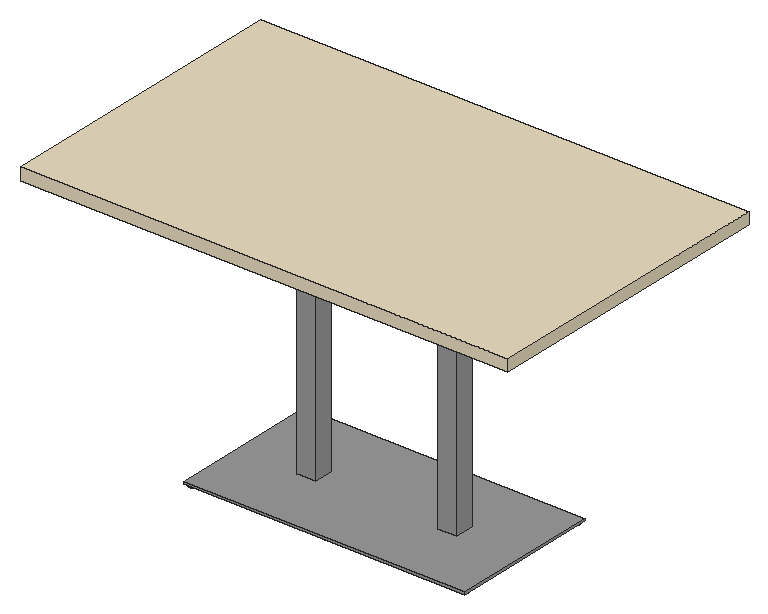
Revit family "FU_Table_Sandler_596Q-XT", category Furniture, Revit 2020
Family settings
  OmniClass Number = 23.40.20.00
  OmniClass Title = General Furniture and Specialties
  Work Plane-Based = No
  Always vertical = Yes
  Cut with Voids When Loaded = No
  Shared = No
  Room Calculation Point = No
Parameters (values of type "596Q-MT - 32x51" Top (80x130cm)")
  Width = 750 mm
  URL = "https://www.sandlerseating.com/product/596q-mt/"
  Top Size = FU_TableTops_MT Sqr : 32x52" Top (80x130cm)
  Top Finish [instance] = Wood - Beech - Honey Stained
  Model = "596Q-MT"
  Manufacturer = "Sandler"
  Height = 720 mm
  Frame Finish [instance] = Metal - Steel - Polished
  Elevation = Height  # 720 mm
  Description = "Double column table base in stainless steel."
  Depth = 400 mm
  Default Elevation = 0 mm
Types (4, lengths in mm): name | Top Size | Frame Finish
  596Q-MT - 28x48" Top (70x120cm) | FU_TableTops_MT Sqr : 28x48" Top (70x120cm) | Metal - Steel - Polished
  596Q-MT - 28x51" Top (70x130cm) | FU_TableTops_MT Sqr : 28x52" Top (70x130cm) | Metal - Steel - Matt-Satin
  596Q-MT - 32x48" Top (80x120cm) | FU_TableTops_MT Sqr : 32x48" Top (80x120cm) | Metal - Steel - Polished
  596Q-MT - 32x51" Top (80x130cm) | FU_TableTops_MT Sqr : 32x52" Top (80x130cm) | Metal - Steel - Polished
Reference planes
  plane 1 "Center (Front/Back)": y = 0
  plane 2: z = 0
  plane 3 "Center (Left/Right)": x = 0
  plane 4 "Right": x = -375
  plane 5 "Left": x = 375
  plane 6 "Back": y = 200
  plane 7 "Front": y = -200
  plane 8 "Height": z = 720
  plane 9 "Glide height": z = 4
  plane 10 "LG H": y = 185.83
  plane 11: x = -360.83
  plane 12: x = -187.5
Forms (mm)
  Extrusion 1, solid, material "Metal - Steel - Polished" <- "Frame Finish"
    sketch origin (0, 0, 4) x (-1, 0, 0) y (0, -1, 0)
      loop
        line (375, -200) -> (375, 200) -> (-375, 200) -> (-375, -200) -> (375, -200)
    from 0 to 6
  Revolve 2, solid, material "Rubber, Black"
    sketch origin (0, 185.83, 0) x (-1, 0, 0) y (0, 0, 1)
      loop
        line (372.33, 4) -> (360.83, 4) -> (360.83, 0) -> (370.33, 0)
        arc (370.33, 0) -> (371.744, 0.586) -> (372.33, 2) r 2
        line (372.33, 2) -> (372.33, 4)
      axis (360.83, 4) -> (360.83, 0)
    angle from 0 to 360
  Revolve 3, solid, material "Rubber, Black"
    sketch origin (0, 185.83, 0) x (1, 0, 0) y (0, 0, 1)
      loop
        line (372.33, 4) -> (362.33, 4) -> (362.33, 0) -> (370.33, 0)
        arc (370.33, 0) -> (371.744, 0.586) -> (372.33, 2) r 2
        line (372.33, 2) -> (372.33, 4)
      axis (362.33, 4) -> (362.33, 0)
    angle from 0 to 360
  Revolve 4, solid, material "Rubber, Black"
    sketch origin (0, -185.83, 0) x (-1, 0, 0) y (0, 0, -1)
      loop
        line (372.33, -4) -> (372.33, -2)
        arc (372.33, -2) -> (371.744, -0.586) -> (370.33, 0) r 2
        line (370.33, 0) -> (360.83, 0) -> (360.83, -4) -> (372.33, -4)
      axis (360.83, -4) -> (360.83, 0)
    angle from 0 to 360
  Revolve 5, solid, material "Rubber, Black"
    sketch origin (0, -185.83, 0) x (1, 0, 0) y (0, 0, 1)
      loop
        line (372.33, 4) -> (362.33, 4) -> (362.33, 0) -> (370.33, 0)
        arc (370.33, 0) -> (371.744, 0.586) -> (372.33, 2) r 2
        line (372.33, 2) -> (372.33, 4)
      axis (362.33, 4) -> (362.33, 0)
    angle from 0 to 360
  Revolve 6, solid, material "Rubber, Black"
    sketch origin (-360.83, 185.83, 0) x (1, 0, 0) y (0, 0, 1)
      loop
        line (370.83, 4) -> (360.83, 4) -> (360.83, 0) -> (368.83, 0)
        arc (368.83, 0) -> (370.244, 0.586) -> (370.83, 2) r 2
        line (370.83, 2) -> (370.83, 4)
      axis (360.83, 4) -> (360.83, 0)
    angle from 0 to 360
  Revolve 7, solid, material "Rubber, Black"
    sketch origin (-360.83, -185.83, 0) x (1, 0, 0) y (0, 0, 1)
      loop
        line (370.83, 4) -> (360.83, 4) -> (360.83, 0) -> (368.83, 0)
        arc (368.83, 0) -> (370.244, 0.586) -> (370.83, 2) r 2
        line (370.83, 2) -> (370.83, 4)
      axis (360.83, 4) -> (360.83, 0)
    angle from 0 to 360
  Extrusion 8, solid, material "Metal - Steel - Polished" <- "Frame Finish"
    sketch origin (0, 0, 4) x (-1, 0, 0) y (0, -1, 0)
      loop
        line (212.5, -25) -> (212.5, 25) -> (162.5, 25) -> (162.5, -25) -> (212.5, -25)
    from 6 to 716
  Extrusion 9, solid, material "Metal - Steel - Polished" <- "Frame Finish"
    sketch origin (0, 0, 4) x (1, 0, 0) y (0, 1, 0)
      loop
        line (212.5, 25) -> (162.5, 25) -> (162.5, -25) -> (212.5, -25) -> (212.5, 25)
    from 6 to 716
  Extrusion 10, solid, material "Metal - Steel - Polished" <- "Frame Finish"
    sketch origin (0, 0, 720) x (-1, 0, 0) y (0, -1, 0)
      loop
        line (235.5, 44.024) -> (307.236, 117.26)
        arc (307.236, 117.26) -> (304.417, 120.065) -> (301.532, 122.802) r 167.789
        line (301.532, 122.802) -> (227.879, 47.718) -> (147.12, 47.718) -> (73.468, 122.802)
        arc (73.468, 122.802) -> (70.583, 120.065) -> (67.764, 117.26) r 167.789
        line (67.764, 117.26) -> (139.5, 44.024) -> (139.5, -44.024) -> (67.486, -116.038)
        arc (67.486, -116.038) -> (70.298, -118.884) -> (73.177, -121.661) r 166.741
        line (73.177, -121.661) -> (146.556, -48.282) -> (228.444, -48.282) -> (301.823, -121.661)
        arc (301.823, -121.661) -> (304.702, -118.884) -> (307.514, -116.038) r 166.741
        line (307.514, -116.038) -> (235.5, -44.024) -> (235.5, 44.024)
    from -5.84 to -20
  Extrusion 11, solid, material "Metal - Steel - Polished" <- "Frame Finish"
    sketch origin (0, 0, 720) x (-1, 0, 0) y (0, -1, 0)
      loop
        arc (235.5, 9.198) -> (237.694, 20.46) -> (243.955, 30.074) r 30
        line (243.955, 30.074) -> (342.527, 133.309)
        arc (342.527, 133.309) -> (344.782, 138.939) -> (342.439, 144.533) r 8
        line (342.439, 144.533) -> (329.622, 157.35)
        arc (329.622, 157.35) -> (323.965, 159.693) -> (318.308, 157.35) r 8
        line (318.308, 157.35) -> (219.527, 57.069)
        arc (219.527, 57.069) -> (209.794, 50.566) -> (198.314, 48.282) r 30
        line (198.314, 48.282) -> (176.686, 48.282)
        arc (176.686, 48.282) -> (165.206, 50.566) -> (155.473, 57.069) r 30
        line (155.473, 57.069) -> (56.692, 157.35)
        arc (56.692, 157.35) -> (51.035, 159.693) -> (45.378, 157.35) r 8
        line (45.378, 157.35) -> (32.561, 144.533)
        arc (32.561, 144.533) -> (30.218, 138.939) -> (32.473, 133.309) r 8
        line (32.473, 133.309) -> (131.045, 30.074)
        arc (131.045, 30.074) -> (137.306, 20.46) -> (139.5, 9.198) r 30
        line (139.5, 9.198) -> (139.5, -9.198)
        arc (139.5, -9.198) -> (137.306, -20.46) -> (131.045, -30.074) r 30
        line (131.045, -30.074) -> (32.473, -131.809)
        arc (32.473, -131.809) -> (30.218, -137.439) -> (32.561, -143.033) r 8
        line (32.561, -143.033) -> (45.378, -155.85)
        arc (45.378, -155.85) -> (51.035, -158.193) -> (56.692, -155.85) r 8
        line (56.692, -155.85) -> (155.473, -57.069)
        arc (155.473, -57.069) -> (165.206, -50.566) -> (176.686, -48.282) r 30
        line (176.686, -48.282) -> (198.314, -48.282)
        arc (198.314, -48.282) -> (209.794, -50.566) -> (219.527, -57.069) r 30
        line (219.527, -57.069) -> (318.308, -155.85)
        arc (318.308, -155.85) -> (323.965, -158.193) -> (329.622, -155.85) r 8
        line (329.622, -155.85) -> (342.439, -143.033)
        arc (342.439, -143.033) -> (344.782, -137.439) -> (342.527, -131.809) r 8
        line (342.527, -131.809) -> (243.955, -30.074)
        arc (243.955, -30.074) -> (237.694, -20.46) -> (235.5, -9.198) r 30
        line (235.5, -9.198) -> (235.5, 9.198)
      loop
        line (53.101, -141.055) -> (62.998, -131.158)
        arc (62.998, -131.158) -> (62.998, -125.502) -> (57.342, -125.502) r 3.999
        line (57.342, -125.502) -> (47.445, -135.399)
        arc (47.445, -135.399) -> (47.5, -141.001) -> (53.101, -141.055) r 4
      loop
        arc (321.899, -141.055) -> (327.5, -141.001) -> (327.555, -135.399) r 4
        line (327.555, -135.399) -> (317.658, -125.502)
        arc (317.658, -125.502) -> (312.002, -125.502) -> (312.002, -131.158) r 3.999
        line (312.002, -131.158) -> (321.899, -141.055)
      loop
        arc (53.101, 142.555) -> (47.5, 142.501) -> (47.445, 136.899) r 4
        line (47.445, 136.899) -> (57.342, 127.002)
        arc (57.342, 127.002) -> (62.998, 127.002) -> (62.998, 132.658) r 3.999
        line (62.998, 132.658) -> (53.101, 142.555)
      loop
        line (321.899, 142.555) -> (312.002, 132.658)
        arc (312.002, 132.658) -> (312.002, 127.002) -> (317.658, 127.002) r 3.999
        line (317.658, 127.002) -> (327.555, 136.899)
        arc (327.555, 136.899) -> (327.5, 142.501) -> (321.899, 142.555) r 4
      loop
        circle (187.5, 0) r 7.5
    from -9.84 to 0
  Extrusion 12, solid, material "Metal - Steel - Polished" <- "Frame Finish"
    sketch origin (0, 0, 720) x (1, 0, 0) y (0, 1, 0)
      loop
        line (235.5, -44.024) -> (235.5, 44.024) -> (309.014, 116.038)
        arc (309.014, 116.038) -> (306.203, 118.919) -> (303.323, 121.732) r 167.824
        line (303.323, 121.732) -> (228.444, 48.282) -> (146.556, 48.282) -> (73.177, 121.661)
        arc (73.177, 121.661) -> (70.298, 118.884) -> (67.486, 116.038) r 166.741
        line (67.486, 116.038) -> (139.5, 44.024) -> (139.5, -44.024) -> (67.764, -117.26)
        arc (67.764, -117.26) -> (70.583, -120.065) -> (73.468, -122.802) r 167.789
        line (73.468, -122.802) -> (147.12, -47.718) -> (227.879, -47.718) -> (303.032, -122.871)
        arc (303.032, -122.871) -> (305.917, -120.1) -> (308.736, -117.26) r 168.862
        line (308.736, -117.26) -> (235.5, -44.024)
    from -5.84 to -20
  Extrusion 13, solid, material "Metal - Steel - Polished" <- "Frame Finish"
    sketch origin (0, 0, 720) x (1, 0, 0) y (0, 1, 0)
      loop
        line (235.5, -9.198) -> (235.5, 9.198)
        arc (235.5, 9.198) -> (237.694, 20.46) -> (243.955, 30.074) r 30
        line (243.955, 30.074) -> (344.027, 131.809)
        arc (344.027, 131.809) -> (346.282, 137.439) -> (343.939, 143.033) r 8
        line (343.939, 143.033) -> (331.122, 155.85)
        arc (331.122, 155.85) -> (325.465, 158.193) -> (319.808, 155.85) r 8
        line (319.808, 155.85) -> (219.527, 57.069)
        arc (219.527, 57.069) -> (209.794, 50.566) -> (198.314, 48.282) r 30
        line (198.314, 48.282) -> (176.686, 48.282)
        arc (176.686, 48.282) -> (165.206, 50.566) -> (155.473, 57.069) r 30
        line (155.473, 57.069) -> (56.692, 155.85)
        arc (56.692, 155.85) -> (51.035, 158.193) -> (45.378, 155.85) r 8
        line (45.378, 155.85) -> (32.561, 143.033)
        arc (32.561, 143.033) -> (30.218, 137.439) -> (32.473, 131.809) r 8
        line (32.473, 131.809) -> (131.045, 30.074)
        arc (131.045, 30.074) -> (137.306, 20.46) -> (139.5, 9.198) r 30
        line (139.5, 9.198) -> (139.5, -9.198)
        arc (139.5, -9.198) -> (137.306, -20.46) -> (131.045, -30.074) r 30
        line (131.045, -30.074) -> (32.473, -133.309)
        arc (32.473, -133.309) -> (30.218, -138.939) -> (32.561, -144.533) r 8
        line (32.561, -144.533) -> (45.378, -157.35)
        arc (45.378, -157.35) -> (51.035, -159.693) -> (56.692, -157.35) r 8
        line (56.692, -157.35) -> (155.473, -57.069)
        arc (155.473, -57.069) -> (165.206, -50.566) -> (176.686, -48.282) r 30
        line (176.686, -48.282) -> (198.314, -48.282)
        arc (198.314, -48.282) -> (209.794, -50.566) -> (219.527, -57.069) r 30
        line (219.527, -57.069) -> (319.808, -157.35)
        arc (319.808, -157.35) -> (325.465, -159.693) -> (331.122, -157.35) r 8
        line (331.122, -157.35) -> (343.939, -144.533)
        arc (343.939, -144.533) -> (346.282, -138.939) -> (344.027, -133.309) r 8
        line (344.027, -133.309) -> (243.955, -30.074)
        arc (243.955, -30.074) -> (237.694, -20.46) -> (235.5, -9.198) r 30
      loop
        arc (53.101, 141.055) -> (47.5, 141.001) -> (47.445, 135.399) r 4
        line (47.445, 135.399) -> (57.342, 125.502)
        arc (57.342, 125.502) -> (62.998, 125.502) -> (62.998, 131.158) r 3.999
        line (62.998, 131.158) -> (53.101, 141.055)
      loop
        line (323.399, 141.055) -> (313.502, 131.158)
        arc (313.502, 131.158) -> (313.502, 125.502) -> (319.158, 125.502) r 3.999
        line (319.158, 125.502) -> (329.055, 135.399)
        arc (329.055, 135.399) -> (329, 141.001) -> (323.399, 141.055) r 4
      loop
        line (53.101, -142.555) -> (62.998, -132.658)
        arc (62.998, -132.658) -> (62.998, -127.002) -> (57.342, -127.002) r 3.999
        line (57.342, -127.002) -> (47.445, -136.899)
        arc (47.445, -136.899) -> (47.5, -142.501) -> (53.101, -142.555) r 4
      loop
        arc (323.399, -142.555) -> (329, -142.501) -> (329.055, -136.899) r 4
        line (329.055, -136.899) -> (319.158, -127.002)
        arc (319.158, -127.002) -> (313.502, -127.002) -> (313.502, -132.658) r 3.999
        line (313.502, -132.658) -> (323.399, -142.555)
      loop
        circle (187.5, 0) r 7.5
    from -9.84 to 0
Cuts and joins
  joined: Extrusion 1, Extrusion 8, Extrusion 9, Extrusion 10, Extrusion 11, Extrusion 12, Extrusion 13
Dimensions and locks
  equal spacing: plane 4 "Right", plane 3 "Center (Left/Right)", plane 5 "Left"
  "Width": plane 4 "Right" to plane 5 "Left"
  equal spacing: plane 6 "Back", plane 1 "Center (Front/Back)", plane 7 "Front"
  "Depth": plane 6 "Back" to plane 7 "Front"
  "Height": plane 8 "Height" to level
  plane 9 "Glide height" to level = 4 mm
  aligned and locked: level to plane 2
  aligned and locked: plane 8 "Height" to cut or joined group of Extrusion 1, Extrusion 8, Extrusion 9, Extrusion 10, Extrusion 11, Extrusion 12, Extrusion 13  (x2)
Automatic sketch dimensions
  Extrusion 1 sketch curve to plane 5 "Left" = 0 mm
  Extrusion 1 sketch curve to plane 4 "Right" = 0 mm
  Extrusion 1 sketch curve to plane 6 "Back" = 0 mm
  Extrusion 1 sketch curve to plane 7 "Front" = 0 mm
  Revolve 2 sketch curve to plane 9 "Glide height" = 0 mm  (x2)
  plane 11 to Revolve 2 sketch curve = 0 mm  (x2)
  Revolve 2 sketch curve to level = 0 mm
  level to Revolve 2 sketch curve = 2 mm
  Revolve 2 sketch curve to plane 4 "Right" = 4.67 mm
  Revolve 2 sketch curve to level = 1.303 mm
  Revolve 3 sketch curve to plane 9 "Glide height" = 0 mm  (x2)
  Revolve 3 sketch curve to level = 0 mm
  Revolve 3 sketch curve to plane 5 "Left" = 12.67 mm
  Revolve 3 sketch curve to level = 2 mm
  Revolve 3 sketch curve to plane 5 "Left" = 4.67 mm
  Revolve 3 sketch curve to Revolve 3 sketch curve = 0 mm
  Revolve 3 sketch curve to Revolve 3 sketch curve = 1.303 mm
  Revolve 4 sketch curve to plane 9 "Glide height" = 0 mm  (x2)
  plane 11 to Revolve 4 sketch curve = 0 mm  (x2)
  Revolve 4 sketch curve to level = 0 mm
  level to Revolve 4 sketch curve = 2 mm
  Revolve 4 sketch curve to plane 4 "Right" = 4.67 mm
  Revolve 4 sketch curve to level = 1.303 mm
  Revolve 5 sketch curve to plane 9 "Glide height" = 0 mm  (x2)
  Revolve 5 sketch curve to level = 0 mm
  plane 5 "Left" to Revolve 5 sketch curve = 12.67 mm
  level to Revolve 5 sketch curve = 2 mm
  plane 5 "Left" to Revolve 5 sketch curve = 4.67 mm
  Revolve 5 sketch curve to Revolve 5 sketch curve = 0 mm
  Revolve 5 sketch curve to Revolve 5 sketch curve = 1.303 mm
  Revolve 6 sketch curve to plane 9 "Glide height" = 0 mm  (x2)
  Revolve 6 sketch curve to level = 0 mm
  plane 3 "Center (Left/Right)" to Revolve 6 sketch curve = 0 mm
  Revolve 6 sketch curve to level = 2 mm
  Revolve 6 sketch curve to plane 3 "Center (Left/Right)" = 8 mm
  Revolve 6 sketch curve to Revolve 6 sketch curve = 0 mm
  Revolve 6 sketch curve to Revolve 6 sketch curve = 1.303 mm
  Revolve 7 sketch curve to plane 9 "Glide height" = 0 mm  (x2)
  Revolve 7 sketch curve to level = 0 mm
  Revolve 7 sketch curve to plane 3 "Center (Left/Right)" = 0 mm
  level to Revolve 7 sketch curve = 2 mm
  plane 3 "Center (Left/Right)" to Revolve 7 sketch curve = 8 mm
  Revolve 7 sketch curve to Revolve 7 sketch curve = 0 mm
  Revolve 7 sketch curve to Revolve 7 sketch curve = 1.303 mm
  Extrusion 8 sketch curve to plane 12 = 25 mm
  Extrusion 8 sketch curve to plane 1 "Center (Front/Back)" = 25 mm
  plane 1 "Center (Front/Back)" to Extrusion 9 sketch curve = 25 mm
  Extrusion 9 sketch curve to plane 3 "Center (Left/Right)" = 162.5 mm
  Extrusion 10 sketch curve to Extrusion 10 sketch curve = 0 mm  (x12)
  Extrusion 10 sketch curve to plane 12 = 0 mm
  Extrusion 10 sketch curve to plane 12 = 40.38 mm
  Extrusion 10 sketch curve to plane 12 = 40.944 mm
  Extrusion 10 sketch curve to Extrusion 10 sketch curve = 7.056 mm  (x2)
  Extrusion 10 sketch curve to plane 3 "Center (Left/Right)" = 73.468 mm
  Extrusion 10 sketch curve to plane 3 "Center (Left/Right)" = 73.177 mm
  Extrusion 10 sketch curve to Extrusion 10 sketch curve = 5.704 mm  (x2)
  Extrusion 10 sketch curve to Extrusion 10 sketch curve = 5.691 mm  (x2)
  plane 12 to Extrusion 10 sketch curve = 40.38 mm
  plane 12 to Extrusion 10 sketch curve = 40.944 mm
  Extrusion 10 sketch curve to plane 11 = 59.298 mm
  Extrusion 10 sketch curve to plane 11 = 59.007 mm
  Extrusion 10 sketch curve to plane 10 "LG H" = 64.169 mm  (x2)
  Extrusion 10 sketch curve to Extrusion 10 sketch curve = 5.623 mm
  Extrusion 10 sketch curve to plane 1 "Center (Front/Back)" = 48.282 mm
  Extrusion 10 sketch curve to Extrusion 10 sketch curve = 4.258 mm  (x2)
  plane 1 "Center (Front/Back)" to Extrusion 10 sketch curve = 44.024 mm  (x2)
  Extrusion 10 sketch curve to Extrusion 10 sketch curve = 3.693 mm
  plane 7 "Front" to Extrusion 10 sketch curve = 82.74 mm  (x2)
  plane 1 "Center (Front/Back)" to Extrusion 11 sketch curve = 0 mm
  Extrusion 11 sketch curve to plane 12 = 0 mm
  Extrusion 11 sketch curve to plane 12 = 10.814 mm  (x2)
  Extrusion 11 sketch curve to Extrusion 11 sketch curve = 21.213 mm  (x5)
  plane 1 "Center (Front/Back)" to Extrusion 11 sketch curve = 9.198 mm  (x2)
  Extrusion 11 sketch curve to plane 12 = 48 mm
  Extrusion 11 sketch curve to plane 1 "Center (Front/Back)" = 30.074 mm  (x2)
  Extrusion 11 sketch curve to Extrusion 11 sketch curve = 8.455 mm  (x4)
  plane 1 "Center (Front/Back)" to Extrusion 11 sketch curve = 30.074 mm  (x2)
  Extrusion 11 sketch curve to plane 1 "Center (Front/Back)" = 9.198 mm  (x2)
  Extrusion 11 sketch curve to plane 3 "Center (Left/Right)" = 62.998 mm  (x2)
  Extrusion 11 sketch curve to Extrusion 11 sketch curve = 2.828 mm  (x12)
  Extrusion 11 sketch curve to Extrusion 11 sketch curve = 6.306 mm  (x4)
  Extrusion 11 sketch curve to Extrusion 11 sketch curve = 9.897 mm  (x8)
  Extrusion 11 sketch curve to Extrusion 11 sketch curve = 5.657 mm  (x18)
  Extrusion 11 sketch curve to Extrusion 11 sketch curve = 2.773 mm  (x6)
  Extrusion 11 sketch curve to Extrusion 11 sketch curve = 2.883 mm  (x6)
  Extrusion 11 sketch curve to plane 10 "LG H" = 29.98 mm  (x2)
  Extrusion 11 sketch curve to Extrusion 11 sketch curve = 9.227 mm  (x4)
  Extrusion 11 sketch curve to Extrusion 11 sketch curve = 5.745 mm  (x4)
  plane 12 to Extrusion 11 sketch curve = 10.814 mm  (x2)
  plane 12 to Extrusion 11 sketch curve = 48 mm
  Extrusion 11 sketch curve to plane 11 = 48.828 mm  (x2)
  Extrusion 11 sketch curve to Extrusion 11 sketch curve = 12.817 mm  (x2)
  Extrusion 11 sketch curve to Extrusion 11 sketch curve = 9.138 mm  (x4)
  Extrusion 11 sketch curve to Extrusion 11 sketch curve = 48.208 mm
  Extrusion 11 sketch curve to Extrusion 11 sketch curve = 0 mm
  plane 1 "Center (Front/Back)" to Extrusion 11 sketch curve = 48.282 mm
  Extrusion 11 sketch curve to Extrusion 11 sketch curve = 8.787 mm  (x2)
  plane 7 "Front" to Extrusion 11 sketch curve = 72.998 mm  (x2)
  Extrusion 11 sketch curve to Extrusion 11 sketch curve = 6.307 mm  (x2)
  Extrusion 11 sketch curve to Extrusion 11 sketch curve = 5.567 mm  (x2)
  Extrusion 12 sketch curve to Extrusion 12 sketch curve = 0 mm  (x12)
  Extrusion 12 sketch curve to plane 3 "Center (Left/Right)" = 67.486 mm
  Extrusion 12 sketch curve to plane 3 "Center (Left/Right)" = 67.764 mm
  Extrusion 12 sketch curve to Extrusion 12 sketch curve = 5.691 mm  (x2)
  Extrusion 12 sketch curve to Extrusion 12 sketch curve = 5.704 mm  (x2)
  plane 1 "Center (Front/Back)" to Extrusion 12 sketch curve = 44.024 mm  (x2)
  Extrusion 12 sketch curve to Extrusion 12 sketch curve = 72.014 mm
  plane 1 "Center (Front/Back)" to Extrusion 12 sketch curve = 48.282 mm
  Extrusion 12 sketch curve to Extrusion 12 sketch curve = 7.056 mm  (x2)
  Extrusion 12 sketch curve to plane 1 "Center (Front/Back)" = 47.718 mm
  Extrusion 12 sketch curve to Extrusion 12 sketch curve = 7.62 mm
  plane 1 "Center (Front/Back)" to Extrusion 12 sketch curve = 0.282 mm
  Extrusion 12 sketch curve to Extrusion 12 sketch curve = 40.38 mm  (x2)
  Extrusion 12 sketch curve to Extrusion 12 sketch curve = 40.944 mm
  Extrusion 12 sketch curve to plane 5 "Left" = 71.968 mm
  Extrusion 12 sketch curve to plane 5 "Left" = 71.677 mm
  plane 10 "LG H" to Extrusion 12 sketch curve = 69.792 mm  (x2)
  Extrusion 12 sketch curve to Extrusion 12 sketch curve = 3.693 mm  (x2)
  Extrusion 12 sketch curve to plane 7 "Front" = 82.74 mm  (x2)
  plane 1 "Center (Front/Back)" to Extrusion 13 sketch curve = 0 mm
  Extrusion 13 sketch curve to plane 3 "Center (Left/Right)" = 32.473 mm  (x2)
  Extrusion 13 sketch curve to Extrusion 13 sketch curve = 0.089 mm  (x2)
  Extrusion 13 sketch curve to Extrusion 13 sketch curve = 5.745 mm  (x4)
  Extrusion 13 sketch curve to Extrusion 13 sketch curve = 12.817 mm  (x4)
  Extrusion 13 sketch curve to Extrusion 13 sketch curve = 9.227 mm  (x4)
  Extrusion 13 sketch curve to Extrusion 13 sketch curve = 2.883 mm  (x6)
  Extrusion 13 sketch curve to Extrusion 13 sketch curve = 5.657 mm  (x16)
  Extrusion 13 sketch curve to Extrusion 13 sketch curve = 2.773 mm  (x6)
  plane 10 "LG H" to Extrusion 13 sketch curve = 29.98 mm  (x2)
  Extrusion 13 sketch curve to Extrusion 13 sketch curve = 9.897 mm  (x8)
  Extrusion 13 sketch curve to Extrusion 13 sketch curve = 2.828 mm  (x12)
  plane 1 "Center (Front/Back)" to Extrusion 13 sketch curve = 9.198 mm  (x2)
  Extrusion 13 sketch curve to plane 3 "Center (Left/Right)" = 109.5 mm
  Extrusion 13 sketch curve to Extrusion 13 sketch curve = 0 mm
  Extrusion 13 sketch curve to plane 1 "Center (Front/Back)" = 30.074 mm  (x2)
  Extrusion 13 sketch curve to Extrusion 13 sketch curve = 21.545 mm  (x2)
  plane 1 "Center (Front/Back)" to Extrusion 13 sketch curve = 30.074 mm  (x2)
  Extrusion 13 sketch curve to plane 1 "Center (Front/Back)" = 57.069 mm  (x2)
  Extrusion 13 sketch curve to Extrusion 13 sketch curve = 24.427 mm  (x2)
  plane 1 "Center (Front/Back)" to Extrusion 13 sketch curve = 57.069 mm  (x2)
  Extrusion 13 sketch curve to Extrusion 13 sketch curve = 21.213 mm  (x5)
  Extrusion 13 sketch curve to Extrusion 13 sketch curve = 48 mm  (x2)
  Extrusion 13 sketch curve to Extrusion 13 sketch curve = 21.628 mm  (x2)
  Extrusion 13 sketch curve to plane 1 "Center (Front/Back)" = 9.198 mm
  Extrusion 13 sketch curve to Extrusion 13 sketch curve = 8.455 mm  (x2)
  Extrusion 13 sketch curve to plane 5 "Left" = 61.498 mm  (x2)
  Extrusion 13 sketch curve to Extrusion 13 sketch curve = 6.306 mm  (x2)
  Extrusion 13 sketch curve to Extrusion 13 sketch curve = 9.138 mm  (x4)
  Extrusion 13 sketch curve to Extrusion 13 sketch curve = 8.787 mm
  Extrusion 13 sketch curve to plane 7 "Front" = 72.998 mm  (x2)
  Extrusion 13 sketch curve to Extrusion 13 sketch curve = 6.307 mm  (x2)
  Extrusion 13 sketch curve to Extrusion 13 sketch curve = 5.567 mm  (x2)
  plane 12 to Extrusion 8 sketch curve = 25 mm
  plane 1 "Center (Front/Back)" to Extrusion 8 sketch curve = 25 mm
  Extrusion 9 sketch curve to Extrusion 9 sketch curve = 50 mm
  Extrusion 9 sketch curve to plane 1 "Center (Front/Back)" = 25 mm
  radius of Extrusion 11 sketch curve = 7.5 mm
  radius of Extrusion 13 sketch curve = 7.5 mm
Nested families
  nested 1: "FU_TableTops_MT Sqr" at (0, 0, 0), Top Elevation <- "Elevation", Top Finish <- "Top Finish", type <- "Top Size", type "32x52" Top (80x130cm)"
    with Top Finish Wood - Beech - Honey Stained, Top Elevation 720 mm
Definition of nested family "FU_TableTops_MT Sqr"
  Parameters (values of type "24x48" Top (60x120cm)")
    Width = 1200 mm
    Top Finish [instance] = none
    Top Elevation [instance] = 1100 mm
    Depth = 600 mm
    Default Elevation = 0 mm
  Types (16, lengths in mm): name | Width | Depth
    28x48" Top (70x120cm) | 1200 | 700
    28x52" Top (70x130cm) | 1300 | 700
    32x48" Top (80x120cm) | 1200 | 800
    32x52" Top (80x130cm) | 1300 | 800
    28x55" Top (70x140cm) | 1400 | 700
    32x55" Top (80x140cm) | 1400 | 800
    24" Square (60cm) | 600 | 600
    28" Square (70cm) | 700 | 700
    32" Square (80cm) | 800 | 800
    36" Square (90cm) | 900 | 900
    40" Square (100cm) | 1000 | 1000
    44" Square (110cm) | 1100 | 1100
    28x44" Top (70x110cm) | 1100 | 700
    24x40" Top (60x100cm) | 1000 | 600
    24x44" Top (60x110cm) | 1100 | 600
    24x48" Top (60x120cm) | 1200 | 600
  Reference planes
    plane 1 "Center (Front/Back)": y = 0
    plane 2: z = 0
    plane 3 "Center (Left/Right)": x = 0
    plane 4 "Right": x = -600
    plane 5 "Left": x = 600
    plane 6 "Back": y = 300
    plane 7 "Front": y = -300
    plane 8 "Elevation": z = 1100
    plane 9 "Top Height": z = 1131.75
  Forms (mm)
    Extrusion 1, solid, material <- "Top Finish"
      sketch origin (0, 0, 1100) x (-1, 0, 0) y (0, -1, 0)
        loop
          line (600, -300) -> (600, 300) -> (-600, 300) -> (-600, -300) -> (600, -300)
      from 0 to 31.75
  Dimensions and locks
    equal spacing: plane 4 "Right", plane 3 "Center (Left/Right)", plane 5 "Left"
    "Width": plane 4 "Right" to plane 5 "Left"
    equal spacing: plane 6 "Back", plane 1 "Center (Front/Back)", plane 7 "Front"
    "Depth": plane 6 "Back" to plane 7 "Front"
    "Top Elevation": plane 8 "Elevation" to level
    locked: plane 9 "Top Height" to plane 8 "Elevation" at 31.75
    aligned and locked: level to plane 2
    aligned and locked: Extrusion 1 sketch curve to plane 6 "Back"
    aligned and locked: Extrusion 1 sketch curve to plane 4 "Right"
    aligned and locked: plane 7 "Front" to Extrusion 1 sketch curve
    aligned and locked: plane 5 "Left" to Extrusion 1 sketch curve
    aligned and locked: Extrusion 1 to plane 8 "Elevation"
    aligned and locked: plane 8 "Elevation" to Extrusion 1  (x2)
    aligned and locked: plane 9 "Top Height" to Extrusion 1
    aligned and locked: Extrusion 1 to plane 9 "Top Height"
